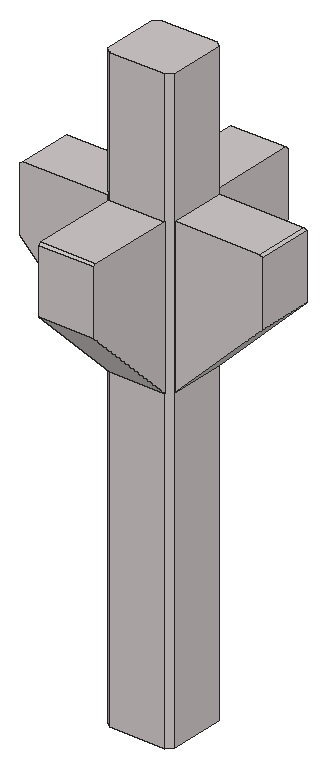
Revit family "M_Pré-moldado-Coluna retangular com mísulas", category Pilares estruturais, Revit 2019
Family settings
  Exibir em vistas ocultas = Arestas ocultadas por outros membros
  Forma do corte = Não definido
  Material para o comportamento do modelo = Concreto pré-moldado
  Exportar sempre como geometria = Não
  Redução da viga na planta = Da caixa de vinculação
  Número OmniClass = 23.25.30.11.14.11
  Título OmniClass = Columns
  ID de item do Seek = Precast-Rectangular Column with Corbels-0000-CAN-ENU
  Corte com vazios quando carregada = Não
  Representação simbólica = Da família
  Compartilhado = Não
  Exibir o pré-corte da família na vista da planta = Não
Parameters (values of type "300 x 300")
  Structural Material [instance] = Concreto - Moldado in loco - 35 MPa
  Mísula inclinada frontal [instance] = Altura da mísula - Profundidade da mísula  # 300 mm
  Largura da mísula ao norte-sul [instance] = b - 2 * Chanfro  # 250 mm
  Largura da mísula a leste-oeste [instance] = h - 2 * Chanfro  # 250 mm
  Mísula a oeste = yes
  Tipo de mísula = M_Mísula inclinada : M_Mísula inclinada
  Mísula ao sul = yes
  Mísula ao norte = yes
  Altura da mísula [instance] = 700 mm
  Mísula a leste = yes
  Distância da mísula [instance] = 600 mm
  Profundidade da mísula [instance] = 400 mm
  Chanfro da mísula [instance] = 10 mm
  Código de montagem = "B10"
  Chanfro = 25 mm
  b = 300 mm
  h = 300 mm
Types (7, lengths in mm): name | Mísula inclinada frontal | Largura da mísula ao norte-sul | Largura da mísula a leste-oeste | Tipo de mísula | Mísula ao sul | Mísula ao norte | Altura da mísula | Mísula a leste | Distância da mísula | Profundidade da mísula | Chanfro | b | h
  (no name) | 300 | 250 | 250 | M_Mísula inclinada : M_Mísula inclinada | yes | yes | 700 | yes | 600 | 400 | 25 | 300 | 300
  300 x 300 | 300 | 250 | 250 | M_Mísula inclinada : M_Mísula inclinada | yes | yes | 700 | yes | 600 | 400 | 25 | 300 | 300
  450 x 450 | 260 | 400 | 400 | M_Mísula inclinada : M_Mísula inclinada | yes | yes | 660 | yes | 460 | 400 | 25 | 450 | 450
  600 x 600 | 310 | 520 | 520 | M_Mísula retangular : M_Mísula retangular | yes | yes | 720 | yes | 600 | 410 | 40 | 600 | 600
  300 x 300 - 1 mísula | 300 | 250 | 250 | M_Mísula retangular : M_Mísula retangular | no | no | 700 | no | 600 | 400 | 25 | 300 | 300
  450 x 450 - 2 mísulas | 260 | 400 | 400 | M_Mísula retangular : M_Mísula retangular | yes | no | 660 | no | 900 | 400 | 25 | 450 | 450
  600 x 600 - 3 mísulas | 310 | 520 | 520 | M_Mísula inclinada : M_Mísula inclinada | yes | yes | 720 | no | 500 | 410 | 40 | 600 | 600
Reference planes
  plane 1 "Centro (Frente/Trás)": y = 0
  plane 2: z = 0
  plane 3 "Centro (Esquerda/Direita)": x = 0
  plane 4: x = -150
  plane 5: x = 150
  plane 6: y = 150
  plane 7: y = -150
  plane 8: x = -125
  plane 9: y = -125
  plane 10: x = 125
  plane 11: y = 125
  plane 12 "preencher ref": z = 2143.2
Forms (mm)
  Extrusion 1, solid, material "Concreto - Moldado in loco - 35 MPa" <- "Structural Material"
    sketch origin (0, 0, 0) x (1, 0, 0) y (0, 1, 0)
      loop
        line (-125, 150) -> (-150, 125) -> (-150, -125) -> (-125, -150) -> (125, -150) -> (150, -125) -> (150, 125) -> (125, 150) -> (-125, 150)
    from 0 to 2743.2
Dimensions and locks
  equal spacing: plane 4, plane 3 "Centro (Esquerda/Direita)", plane 5
  equal spacing: plane 7, plane 1 "Centro (Frente/Trás)", plane 6
  "h": plane 7 to plane 6
  "b": plane 4 to plane 5
  "Chanfro": plane 4 to plane 8
  "Chanfro": plane 10 to plane 5
  "Chanfro": plane 11 to plane 6
  "Chanfro": plane 7 to plane 9
  "Distância da mísula": level to plane 12 "preencher ref"
  "Distância da mísula": level to nested 1
  "Distância da mísula": level to nested 2
  "Distância da mísula": nested 3 to level
  "Distância da mísula": level to nested 4
  aligned and locked: plane 6 to Extrusion 1 sketch curve
  aligned and locked: Extrusion 1 sketch curve to plane 7
  aligned and locked: Extrusion 1 sketch curve to plane 4
  aligned and locked: plane 5 to Extrusion 1 sketch curve
  aligned and locked: level to Extrusion 1
  aligned and locked: level to plane 2
  aligned and locked: Extrusion 1 to plane 2
  aligned and locked: nested 1 to plane 1 "Centro (Frente/Trás)"
  aligned and locked: nested 2 to plane 3 "Centro (Esquerda/Direita)"
  aligned and locked: plane 3 "Centro (Esquerda/Direita)" to nested 3
  aligned and locked: plane 1 "Centro (Frente/Trás)" to nested 4
Automatic sketch dimensions
  Extrusion 1 sketch curve to plane 8 = 0 mm  (x2)
  Extrusion 1 sketch curve to plane 10 = 0 mm  (x2)
  Extrusion 1 sketch curve to plane 9 = 0 mm  (x2)
  Extrusion 1 sketch curve to plane 11 = 0 mm  (x2)
Nested families
  nested 1: "M_Mísula inclinada" at (150, 0, 2143.2) x (0, 1, 0) z (1, 0, 0), Largura da mísula <- "Largura da mísula a leste-oeste", visible <- "Mísula a leste", type <- "Tipo de mísula", type "M_Mísula inclinada"
    with Largura da mísula 250 mm
  nested 2: "M_Mísula inclinada" at (0, 150, 2143.2) x (-1, 0, 0) z (0, 1, 0), Largura da mísula <- "Largura da mísula ao norte-sul", visible <- "Mísula ao norte", type <- "Tipo de mísula", type "M_Mísula inclinada"
    with Largura da mísula 250 mm
  nested 3: "M_Mísula inclinada" at (0, -150, 2143.2) x (1, 0, 0) z (0, -1, 0), Largura da mísula <- "Largura da mísula ao norte-sul", visible <- "Mísula ao sul", type <- "Tipo de mísula", type "M_Mísula inclinada"
    with Largura da mísula 250 mm
  nested 4: "M_Mísula inclinada" at (-150, 0, 2143.2) x (0, -1, 0) z (-1, 0, 0), Largura da mísula <- "Largura da mísula a leste-oeste", visible <- "Mísula a oeste", type <- "Tipo de mísula", type "M_Mísula inclinada"
    with Largura da mísula 250 mm
Definition of nested family "M_Mísula inclinada"
  Parameters
    Material = none
    Default Elevation = 0 mm
    Largura da mísula [instance] = 304.8 mm
    Altura da mísula = 700 mm
    Frente da mísula = 300 mm
    Profundidade da mísula = 400 mm
    Chanfro = 10 mm
    Assembly Code = ""
  Reference planes
    plane 1 "Centro (Frente/Trás)": y = 0
    plane 2: z = 0
    plane 3 "Centro (Esquerda/Direita)": x = 0
    plane 4: y = -700
    plane 5: y = -10
    plane 6: z = 400
    plane 7: z = 390
    plane 8 "Esquerda": x = -152.4
    plane 9 "Direita": x = 152.4
    plane 10: y = -300
  Forms (mm)
    Extrusion 1, solid
      sketch origin (0, 0, 0) x (1, 0, 0) y (0, 1, 0)
        loop
          line (-844.162, 1219.2) -> (-844.162, -1219.2) -> (762, -1219.2) -> (762, 1219.2) -> (-844.162, 1219.2)
      from 0 to -304.8
    Sweep 2, solid, material <- "Material"
      path origin (0, 0, 0) x (1, 0, 0) y (0, 1, 0)
        loop
          line (-152.4, 0) -> (152.4, 0)
      profile origin (0, 0, 0) x (0, 1, 0) y (0, 0, 1)
        loop
          line (0, 0) -> (0, 390) -> (-10, 400) -> (-300, 400) -> (-700, 0) -> (0, 0)
  Dimensions and locks
    "Profundidade da mísula": plane 6 to plane 2
    "Chanfro": plane 6 to plane 7
    "Altura da mísula": plane 4 to plane 1 "Centro (Frente/Trás)"
    "Chanfro": plane 5 to plane 1 "Centro (Frente/Trás)"
    "Largura da mísula": plane 8 "Esquerda" to plane 9 "Direita"
    equal spacing: plane 8 "Esquerda", plane 3 "Centro (Esquerda/Direita)", plane 9 "Direita"
    "Frente da mísula": plane 10 to plane 1 "Centro (Frente/Trás)"
    aligned and locked: plane 2 to Extrusion 1
    aligned and locked: level to Extrusion 1
    aligned and locked: plane 1 "Centro (Frente/Trás)" to Sweep 2 sketch curve  (x2)
    aligned and locked: plane 2 to Sweep 2 sketch curve
    aligned and locked: plane 7 to Sweep 2 sketch curve
    aligned and locked: plane 8 "Esquerda" to Sweep 2 sketch curve
    aligned and locked: plane 9 "Direita" to Sweep 2 sketch curve
    aligned and locked: plane 4 to Sweep 2 sketch curve
    aligned and locked: Sweep 2 sketch curve to plane 6
    aligned and locked: plane 5 to Sweep 2 sketch curve
    aligned and locked: plane 10 to Sweep 2 sketch curve
  Automatic sketch dimensions
    Extrusion 1 sketch curve to Extrusion 1 sketch curve = 1606.162 mm
    Extrusion 1 sketch curve to Extrusion 1 sketch curve = 2438.4 mm
